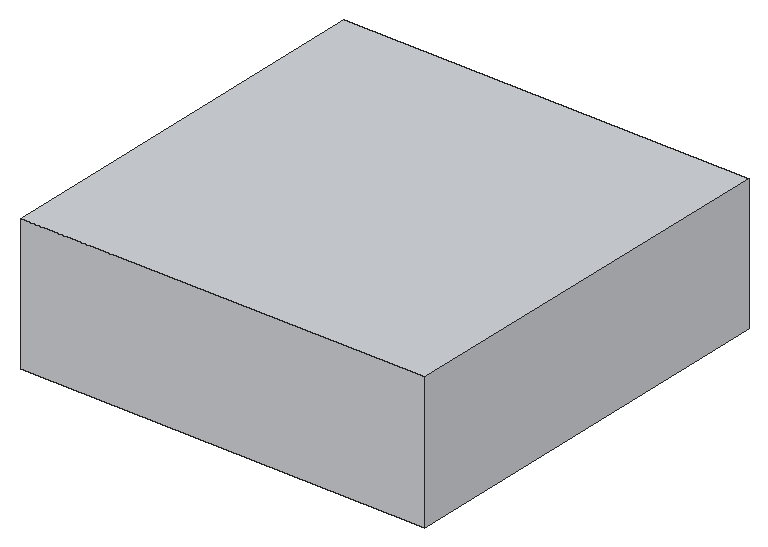
Revit family "Averaging Temperature Sensor", category Mechanical Control Devices, host Face, Revit 2025
Family settings
  Host = Face
  Round Connector Dimension = Use Diameter
  Part Type = Normal
  Cut with Voids When Loaded = No
  Maintain Annotation Orientation = Yes
  Shared = No
  Room Calculation Point = No
Parameters (values of type "ATS (Ceiling Mounted)")
  Width = 3"
  Wall Mounted = no
  Rotate [instance] = yes
  Label = "ATS"
  Height = 3"
  Default Elevation = 48"
  Ceiling Mounted = yes
Types (2): name | Wall Mounted | Rotate | Ceiling Mounted
  ATS (Wall Mounted) | yes | no | no
  ATS (Ceiling Mounted) | no | yes | yes
Reference planes (in)
  plane 1 "Center (Front/Back)": y = 0
  plane 2: z = 0
  plane 3 "Center (Left/Right)": x = 0
  plane 4: z = 1
Forms (in)
  Extrusion 1, solid
    sketch origin (0, 0, 0) x (1, 0, 0) y (0, 1, 0)
      loop
        line (-1.5, 1.5) -> (-1.5, -1.5) -> (1.5, -1.5) -> (1.5, 1.5) -> (-1.5, 1.5)
    from 0 to 1
Dimensions and locks (in)
  equal spacing: Extrusion 1 sketch curve, plane 3 "Center (Left/Right)", Extrusion 1 sketch curve
  equal spacing: Extrusion 1 sketch curve, plane 1 "Center (Front/Back)", Extrusion 1 sketch curve
  "Height": Extrusion 1 sketch curve to Extrusion 1 sketch curve
  "Width": Extrusion 1 sketch curve to Extrusion 1 sketch curve
  plane 4 to plane 2 = 1"
  aligned and locked: plane 2 to host face
  aligned and locked: level to host face
  aligned and locked: plane 4 to Extrusion 1
Automatic sketch dimensions
  host sketch curve to host sketch curve = 96"  (x2)
Nested families (in)
  nested 1: "Wall Symbol" at (0, 0, 0), visible <- "Wall Mounted", type "Standard"
  nested 2: "Ceiling Symbol" at (0, 0, 0), visible <- "Ceiling Mounted", type "Standard"
Definition of nested family "Wall Symbol"
  Parameters (values of type "Standard")
    Rotate = yes
    Not Rotate = not(Rotate)  # no
    Label = "ATS"
  Reference planes (in)
    plane 1: y = 0
    plane 2: x = 0
  Lines and regions (in)
    detail lines
      curve 1: circle (0, 0.125, 0) r 0.125 normal (0, 0, 1)
  Text (in)
    label "ATS" at (0.00258, 0.12377, 0), shows "Label", visible <- "Not Rotate"
    label "ATS" at (0.00258, 0.12377, 0), shows "Label", visible <- "Rotate"
Definition of nested family "Ceiling Symbol"
  Parameters (values of type "Standard")
    Label = "ATS"
  Reference planes (in)
    plane 1: y = 0
    plane 2: x = 0
  Lines and regions (in)
    detail lines
      curve 1: circle (0, 0, 0) r 0.125 normal (0, 0, 1)
  Text (in)
    label "ATS" at (0.00258, -0.00123, 0), shows "Label"
